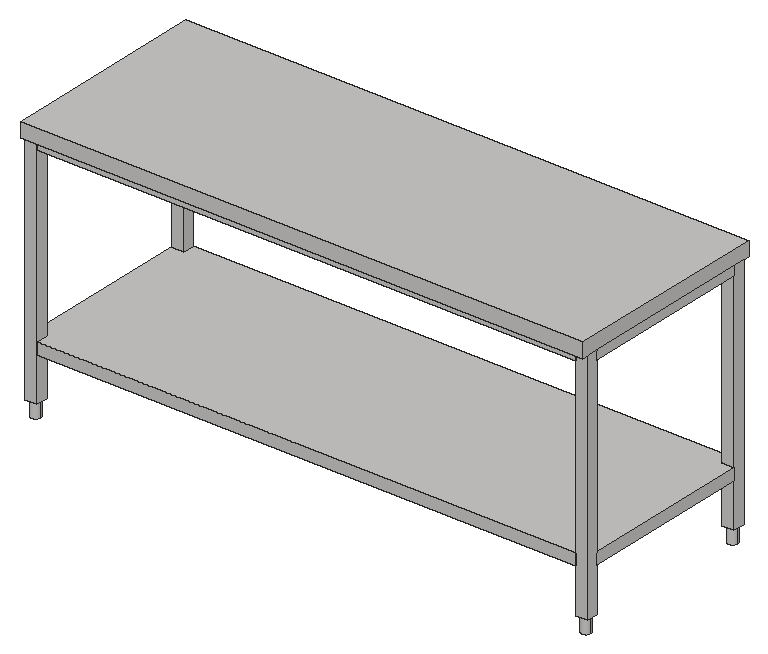
Revit family "QF_ELECTROLUXPROFESSIONAL_134091_LSGTG1900E", category Attrezzature speciali, Revit 2020
Family settings
  Quota connettore circolare = Usa diametro
  Tipo di parte = Normale
  Basato su piano di lavoro = No
  Sempre verticale = Sì
  Taglio con vuoti quando caricato = No
  Condiviso = No
  Punto di calcolo locali = No
Parameters (values of type "Standard")
  Weight = 60.30 kg
  Watts = 0 W
  Volts = 0 V
  URL Manufacturer = "https://www.electroluxprofessional.com/"
  URL = "https://www.electroluxprofessional.com/"
  Steam Supply Size = 0 mm
  Steam Supply Minimum Pressure = 0.0 Pa
  Steam Supply Maximum Pressure = 0.0 Pa
  Steam Consumption per Hour = 0
  Refrigeration Suction Line Size = 0.0 mm
  Refrigeration Liquid Line Size = 0.0 mm
  Refrigerant Compressor Remote = yes
  Prospetto di default = 0.0 mm
  Produttore = "Electrolux Professional"
  Phase = 0
  Modello = "LSGTG1900E"
  Length Actual = 1900.0 mm  # constant formula
  Item Number = "134091"
  Hot Water Size = 0 mm
  Height Actual = 900.0 mm  # constant formula
  HP = "0 HP"
  Gas Size = 0 mm
  Gas KW = 0
  Gas Input Pressure = 0 W
  Direct Waste Size = 0 mm
  Descrizione = "WORK TABLE 1900 MM WITH LOWER SHELF"
  Depth Actual = 700.0 mm  # constant formula
  Cycle = 0 Hz
  Condensate Return Size = 0 mm
  Compressed Air Volume = 0.0 L/s
  Compressed Air Size = 0 mm
  Compressed Air Pressure = 0.0 Pa
  Cold Water Size = 0 mm
  Accessory = yes
Reference planes
  plane 1 "Center (Front/Back)": y = 0
  plane 2: z = 0
  plane 3 "Center (Left/Right)": x = -450
  plane 4 "LEFT": x = -1400
  plane 5 "RIGHT": x = 500
  plane 6 "BACK": y = 350
  plane 7 "FRONT": y = -350
  plane 8 "Base": z = 850
  plane 9 "TOP": z = 900
  plane 10: x = -1380
  plane 11: x = 480
  plane 12: y = 310
  plane 13: y = -310
  plane 14 "TRAVERSI": z = 820
  plane 15: x = -1360
  plane 16: x = 460
  plane 17: y = 290
  plane 18: y = -290
  plane 19: y = 330
  plane 20: y = -330
  plane 21 "Plane": z = 200
Forms (mm)
  Extrusion 1, solid, material "QF_Finishes_Stainless Steel"
    sketch origin (-450, 0, 0) x (0, 1, 0) y (0, 0, 1)
      loop
        line (-350, 850) -> (350, 850) -> (350, 900) -> (-350, 900) -> (-350, 850)
    from 950 to -950
  Extrusion 2, solid, material "QF_Finishes_Stainless Steel"
    sketch origin (0, 0, 820) x (0, 1, 0) y (-1, 0, 0)
      loop
        line (290, -460) -> (-290, -460) -> (-290, -500) -> (290, -500) -> (290, -460)
      loop
        line (290, 1400) -> (-290, 1400) -> (-290, 1360) -> (290, 1360) -> (290, 1400)
    from 0 to 30
  Extrusion 3, solid, material "QF_Finishes_Stainless Steel"
    sketch origin (0, 0, 820) x (0, 1, 0) y (-1, 0, 0)
      loop
        line (330, -460) -> (330, 1360) -> (290, 1360) -> (290, -460) -> (330, -460)
      loop
        line (-290, 1360) -> (-330, 1360) -> (-330, -460) -> (-290, -460) -> (-290, 1360)
    from 0 to 30
  Extrusion 4, solid, material "QF_Finishes_Stainless Steel"
    sketch origin (0, 0, 200) x (0, 1, 0) y (-1, 0, 0)
      loop
        line (290, 1400) -> (-290, 1400) -> (-290, 1360) -> (-330, 1360) -> (-330, -460) -> (-290, -460) -> (-290, -500) -> (290, -500) -> (290, -460) -> (330, -460) -> (330, 1360) -> (290, 1360) -> (290, 1400)
    from 0 to 40
Lines and regions (mm)
  symbolic lines
    curve 1: line (500, 350, 900) -> (-1400, 350, 900)
    curve 2: line (-1400, 350, 900) -> (-1400, -350, 900)
    curve 3: line (-1400, -350, 900) -> (500, -350, 900)
    curve 4: line (500, -350, 900) -> (500, 350, 900)
Dimensions and locks
  plane 4 "LEFT" to plane 5 "RIGHT" = 1900.0 mm
  equal spacing: plane 4 "LEFT", plane 3 "Center (Left/Right)", plane 5 "RIGHT"
  locked: plane 8 "Base" to level at 850
  plane 4 "LEFT" to plane 10 = 20.0 mm
  plane 11 to plane 5 "RIGHT" = 20.0 mm
  plane 10 to plane 11 = 1860.0 mm
  locked: plane 9 "TOP" to level at 900
  plane 6 "BACK" to plane 12 = 40.0 mm
  plane 13 to plane 7 "FRONT" = 40.0 mm
  plane 6 "BACK" to plane 7 "FRONT" = 700.0 mm
  plane 12 to plane 13 = 620.0 mm
  equal spacing: plane 6 "BACK", plane 1 "Center (Front/Back)", plane 7 "FRONT"
  plane 8 "Base" to plane 14 "TRAVERSI" = 30.0 mm
  locked: plane 10 to plane 15 at 20
  locked: plane 16 to plane 11 at 20
  locked: plane 19 to plane 12 at 20
  locked: plane 12 to plane 17 at 20
  locked: plane 18 to plane 13 at 20
  locked: plane 13 to plane 20 at 20
  plane 21 "Plane" to level = 200.0 mm
  aligned and locked: level to plane 2
  aligned and locked: plane 10 to nested 1
  aligned and locked: nested 1 to plane 13
  aligned and locked: plane 11 to nested 2
  aligned and locked: nested 2 to plane 13
  aligned and locked: plane 11 to nested 4
  aligned and locked: nested 4 to plane 12
  aligned and locked: plane 10 to nested 3
  aligned and locked: nested 3 to plane 12
  aligned and locked: Extrusion 1 to plane 4 "LEFT"
  aligned and locked: plane 5 "RIGHT" to Extrusion 1
  aligned and locked: curve 2 to plane 4 "LEFT"
  aligned and locked: Extrusion 2 sketch curve to plane 5 "RIGHT"
  aligned and locked: Extrusion 2 sketch curve to plane 17  (x2)
  aligned and locked: plane 16 to Extrusion 2 sketch curve
  aligned and locked: plane 18 to Extrusion 2 sketch curve  (x2)
  aligned and locked: plane 4 "LEFT" to Extrusion 2 sketch curve
  aligned and locked: Extrusion 2 sketch curve to plane 15
  aligned and locked: plane 19 to Extrusion 3 sketch curve
  aligned and locked: Extrusion 3 sketch curve to plane 17
  aligned and locked: Extrusion 3 sketch curve to plane 18
  aligned and locked: plane 20 to Extrusion 3 sketch curve
  aligned and locked: Extrusion 3 sketch curve to plane 15
  aligned and locked: plane 15 to Extrusion 3 sketch curve
  aligned and locked: plane 16 to Extrusion 3 sketch curve
  aligned and locked: Extrusion 3 sketch curve to plane 16
  aligned and locked: Extrusion 4 sketch curve to plane 19
  aligned and locked: Extrusion 4 sketch curve to plane 5 "RIGHT"
  aligned and locked: Extrusion 4 sketch curve to plane 20
  aligned and locked: plane 4 "LEFT" to Extrusion 4 sketch curve
  aligned and locked: Extrusion 4 sketch curve to plane 17  (x2)
  aligned and locked: plane 15 to Extrusion 4 sketch curve
  aligned and locked: Extrusion 4 sketch curve to plane 16
  aligned and locked: Extrusion 4 sketch curve to plane 18  (x2)
  aligned and locked: plane 16 to Extrusion 4 sketch curve
  aligned and locked: Extrusion 4 sketch curve to plane 15
Automatic sketch dimensions
  Extrusion 1 sketch curve to plane 7 "FRONT" = 0.0 mm
  Extrusion 1 sketch curve to plane 8 "Base" = 0.0 mm
  curve 3 to plane 7 "FRONT" = 0.0 mm
  curve 4 to plane 6 "BACK" = 0.0 mm
  Extrusion 1 sketch curve to plane 9 "TOP" = 0.0 mm
  Extrusion 1 sketch curve to plane 6 "BACK" = 0.0 mm
  curve 4 to plane 5 "RIGHT" = 0.0 mm
Nested families
  nested 1: "FEET_40x40_P50" at (-1380, -310, 0), type "FEET_40x40_P50"
  nested 2: "FEET_40x40_P50" at (480, -310, 0), type "FEET_40x40_P50"
  nested 3: "FEET_40x40_P50" at (-1380, 310, 0), type "FEET_40x40_P50"
  nested 4: "FEET_40x40_P50" at (480, 310, 0), type "FEET_40x40_P50"
Definition of nested family "FEET_40x40_P50"
  Parameters
    Default Elevation = 0.0 mm
    FEET = 850.0 mm
  Reference planes
    plane 1 "Center (Front/Back)": y = 0
    plane 2: z = 0
    plane 3 "Center (Left/Right)": x = 0
    plane 4: z = 850
  Forms (mm)
    Extrusion 1, solid
      sketch origin (0, 0, 0) x (1, 0, 0) y (0, 1, 0)
        loop
          line (-20, -20) -> (20, -20) -> (20, 20) -> (-20, 20) -> (-20, -20)
      from 50 to 850
    Extrusion 2, solid
      sketch origin (0, 0, 0) x (1, 0, 0) y (0, 1, 0)
        loop
          circle (0, 0) r 16
      from 0 to 50
  Lines and regions (mm)
    symbolic lines
      curve 1: line (0, -1.503, 0) -> (0, 1.508, 0)
      curve 2: line (1.561, 0, 0) -> (-1.439, 0, 0)
  Dimensions and locks
    "FEET": plane 4 to plane 2
    aligned and locked: level to plane 2
  Automatic sketch dimensions
    Extrusion 1 sketch curve to plane 3 "Center (Left/Right)" = 20.0 mm
    plane 3 "Center (Left/Right)" to Extrusion 1 sketch curve = 20.0 mm
    plane 1 "Center (Front/Back)" to Extrusion 1 sketch curve = 20.0 mm
    Extrusion 1 sketch curve to plane 1 "Center (Front/Back)" = 20.0 mm
    plane 1 "Center (Front/Back)" to Extrusion 2 sketch curve = 0.0 mm
    Extrusion 2 sketch curve to plane 3 "Center (Left/Right)" = 0.0 mm
    plane 1 "Center (Front/Back)" to curve 2 = 0.0 mm
    curve 1 to plane 3 "Center (Left/Right)" = 0.0 mm
    curve 2 to plane 3 "Center (Left/Right)" = 1.439 mm
    plane 3 "Center (Left/Right)" to curve 2 = 1.561 mm
    plane 1 "Center (Front/Back)" to curve 1 = 1.503 mm
    curve 1 to plane 1 "Center (Front/Back)" = 1.508 mm
    radius of Extrusion 2 sketch curve = 16.0 mm
